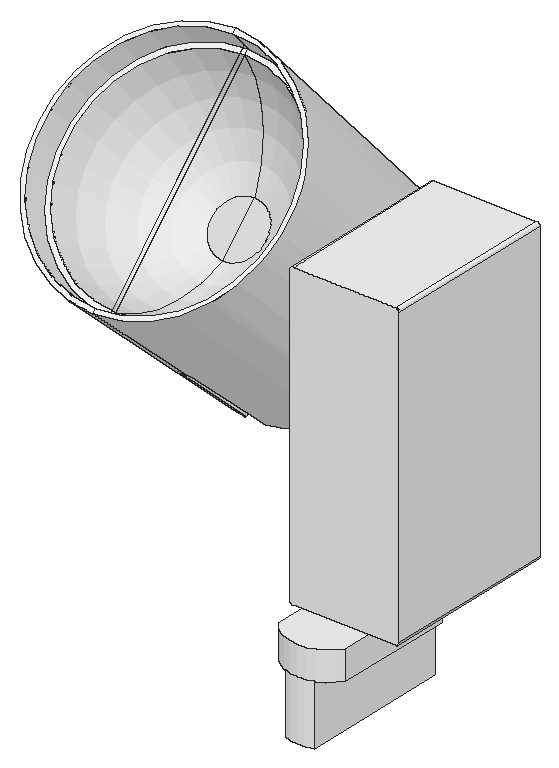
Revit family "0004928 Feilo Sylvania Lighting Fixture START TRACK SPOT L DALI 3260LM 930 WB WHT", category Lighting Fixtures, host Face, Revit 2017 (continued)
Definition of nested family "Start Track Spot Head"
  Types (96, lengths in mm): name | Wattage | built-in parameter 1150134 | Photometric Web File | Model | built-in parameter 1150105 | Lumens | built-in parameter 1150107 | built-in parameter 1150106 | HeadThickness_FEILO | HeadRibOffset_FEILO | HeadRibDepth_FEILO | HeadRibCutWidth_FEILO | HeadRibCutOffset_FEILO | HeadReflectorRadius_FEILO | HeadReflectorOffset_FEILO | HeadLEDRadius_FEILO | HeadHeight_FEILO | HeadDiffusorOffset_FEILO | HeadDiaOut_FEILO | HeadDiaIn_FEILO | HeadAxisFromTop_FEILO | Emit from Circle Diameter | built-in parameter 1150104 | Description | Apparent Load
    0004812 START TRACK SPOT S 14W 3K RA80 MB WHITE | 14 W | (empty or 0) | "0004812.ies" | "START TRACK SPOT S 14W 3K RA80 MB WHITE" | 120.32 (stored number, unit not read) | 1512 lm | 3000 (stored number, unit not read) | 1.2032 (stored number, unit not read) | 1.5 | 4.179 | 55.714 | 7.167 | 50.87 | 50.588 | 55.714 | 9.556 | 117 | 9.435 | 86 | 77.477 | 69.354 | 77.477 | 10.034 (stored number, unit not read) | "Integrated LED spotlight, Textured White - RAL9016, compact and minimalist design, ideal for retail applications, die-cast aluminium body, passive cooling heatsink. Beam angle: 36°, color temperature: 3000K , total system power: 14W, total fixture output: 1508 lm, LOR: 100%, colour rendering: Ra: 80 typical, LED Chromaticity: 3 step MacAdam ellipse, lifetime: >50000 hours at L70B50, energy class: A++, A+, A, IR/UV free light source without heat radiation, operating voltage: 220-240V / 50-60Hz, drive current: 350mA, electronic driver, non-dimmable, power factor: 0.92, electrical protection: Class II, Global Track 3 Phase adapter suitable for Global trac 3-circuit tracks, ingress protection rating: IP20, suitable for internal environment only, horizontal rotation: 355°, vertical tilt: 90°, dimensions: Ø86x140x200, weight: 0.940kg." | 14 VA
    0004811 START TRACK SPOT S 14W 3K RA80 NB WHITE | 14 W | (empty or 0) | "0004811.ies" | "START TRACK SPOT S 14W 3K RA80 NB WHITE" | 123.66 (stored number, unit not read) | 1554 lm | 3000 (stored number, unit not read) | 1.2366 (stored number, unit not read) | 1.5 | 4.179 | 55.714 | 7.167 | 50.87 | 50.588 | 55.714 | 9.556 | 117 | 9.435 | 86 | 77.477 | 69.354 | 77.477 | 10.312 (stored number, unit not read) | "Integrated LED spotlight, Textured White - RAL9016, compact and minimalist design, ideal for retail applications, die-cast aluminium body, passive cooling heatsink. Beam angle: 12°, color temperature: 3000K , total system power: 14W, total fixture output: 1551 lm, LOR: 100%, colour rendering: Ra: 80 typical, LED Chromaticity: 3 step MacAdam ellipse, lifetime: >50000 hours at L70B50, energy class: A++, A+, A, IR/UV free light source without heat radiation, operating voltage: 220-240V / 50-60Hz, drive current: 350mA, electronic driver, non-dimmable, power factor: 0.92, electrical protection: Class II, Global Track 3 Phase adapter suitable for Global trac 3-circuit tracks, ingress protection rating: IP20, suitable for internal environment only, horizontal rotation: 355°, vertical tilt: 90°, dimensions: Ø86x140x200, weight: 0.940kg." | 14 VA
  Reference planes
    plane 1 "Center (Front/Back)": y = 0
    plane 2: z = 0
    plane 3 "Center (Left/Right)": x = 0
    plane 4: x = 43
    plane 5: x = -43
    plane 6: x = -38.739
    plane 7: x = 38.739
    plane 8: z = 69.354
    plane 9: z = -47.646
    plane 10: x = -41.5
    plane 11: x = -37.239
    plane 12: z = -38.211
    plane 13: z = -35.211
    plane 14: z = 8.068
    plane 15: x = -9.556
    plane 16: x = -28.667
    plane 17: x = -19.111
    plane 18: x = -27.167
    plane 19: x = -17.611
    plane 20: x = -8.056
    plane 21: z = 13.64
    plane 22: x = -29.667
    plane 23: x = -26.167
    plane 24: x = -20.111
    plane 25: x = -16.611
    plane 26: x = -10.556
    plane 27: x = -7.056
    plane 28: x = -36.239
    plane 29: x = -40.5
    plane 30: z = 65.175
    plane 31: z = 60.997
    plane 32: z = 56.818
    plane 33: z = 18.484
    plane 34: y = -43
    plane 35: y = 43
    plane 36: y = 3.583
    plane 37: y = -3.583
    plane 38: y = -2.583
    plane 39: y = 2.583
    plane 40: y = 46
    plane 41: z = 13.5
    plane 42: z = -13.5
    plane 43: y = 39
    plane 44: x = 4.708
    plane 45: x = -2.458
    plane 46: x = -1.458
    plane 47: x = 1.458
  Forms (mm)
    Extrusion 1, solid
      sketch origin (4.2, 0, 0) x (1, 0, 0) y (0, 1, 0)
        loop
          line (-1219.2, 1219.2) -> (-1219.2, -1219.2) -> (1219.2, -1219.2) -> (1219.2, 1219.2) -> (-1219.2, 1219.2)
      from 0 to -68.017
    Revolve 2, solid, material <- "Material_1_FEILO", detail levels medium+fine
      sketch origin (0, 0, 0) x (1, 0, 0) y (0, 0, 1)
        loop
          line (-43, -47.646) -> (-41.5, -47.646) -> (-40.5, -35.211) -> (-38.739, -35.211)
          arc (-38.739, -35.211) -> (-30.16, -9.517) -> (-9.556, 8.068) r 50.588
          line (-9.556, 8.068) -> (0, 8.068) -> (0, 13.64) -> (-16.611, 13.64) -> (-17.611, 60.997) -> (-19.111, 60.997) -> (-20.111, 13.64) -> (-36.239, 13.64) -> (-37.239, 69.354) -> (-38.739, 69.354) -> (-43, -47.646)
        axis (0, 69.354) -> (0, -47.646)
      angle from 360 to 0
    Extrusion 3, void
      sketch origin (0, 0, 0) x (0, 1, 0) y (0, 0, 1)
        loop
          line (-3.583, 69.354) -> (-2.583, 18.484) -> (1.932, 18.484) -> (2.932, 69.354) -> (-3.583, 69.354)
      from 43 to -43
    Revolve 4, solid, material <- "Material_2_FEILO", detail levels medium+fine
      sketch origin (0, 0, 0) x (1, 0, 0) y (0, 0, 1)
        loop
          line (-41.5, -38.211) -> (0, -38.211) -> (0, -35.211) -> (-41.5, -35.211) -> (-41.5, -38.211)
        axis (0, -35.211) -> (0, -38.211)
      angle from 360 to 0
    Revolve 5, solid, material <- "Material_1_FEILO"
      sketch origin (0, 0, 0) x (0, 1, 0) y (0, 0, 1)
        loop
          line (46, 0) -> (39, 0) -> (39, -13.5) -> (46, -13.5) -> (46, 0)
        axis (39, 0) -> (46, 0)
      angle from 360 to 0
    Revolve 6, solid, material <- "Material_1_FEILO", detail levels medium+fine
      sketch origin (0, 0, 0) x (1, 0, 0) y (0, 0, 1)
        loop
          line (-29.667, 13.64) -> (-26.167, 13.64) -> (-27.167, 65.175) -> (-28.667, 65.175) -> (-29.667, 13.64)
        loop
          line (-10.556, 13.64) -> (-7.056, 13.64) -> (-7.833, 56.818) -> (-9.778, 56.818) -> (-10.556, 13.64)
        axis (0, 65.175) -> (0, 13.64)
      angle from 360 to 0
    Extrusion 7, void
      sketch origin (0, 0, 0) x (1, 0, 0) y (0, 0, 1)
        loop
          line (4.708, 69.354) -> (-2.458, 69.354) -> (-1.458, 13.64) -> (1.458, 13.64) -> (4.708, 69.354)
      from -43 to 43
    Revolve 8, solid, material <- "Material_1_FEILO", detail levels coarse
      sketch origin (0, 0, 0) x (1, 0, 0) y (0, 0, 1)
        loop
          line (0, 69.354) -> (-38.739, 69.354) -> (-43, -47.646) -> (-41.5, -47.646) -> (-40.731, -38.211) -> (0, -38.211) -> (0, 69.354)
        axis (0, 69.354) -> (0, -47.646)
      angle from 360 to 0
  Cuts and joins
    Extrusion 3 cuts Revolve 2
    Extrusion 7 cuts Revolve 6
  Dimensions and locks
    equal spacing: plane 7, plane 3 "Center (Left/Right)", plane 6
    equal spacing: plane 4, plane 3 "Center (Left/Right)", plane 5
    "HeadDiaOut_FEILO": plane 4 to plane 5
    "HeadDiaIn_FEILO": plane 7 to plane 6
    "HeadHeight_FEILO": plane 8 to plane 9
    "HeadThickness_FEILO": plane 10 to plane 5
    "HeadThickness_FEILO": plane 11 to plane 6
    "HeadDiffusorOffset_FEILO": plane 12 to plane 9
    "HeadDiffusorThickness_FEILO": plane 13 to plane 12
    "HeadReflectorOffset_FEILO": plane 14 to plane 9
    "HeadLEDRadius_FEILO": plane 3 "Center (Left/Right)" to plane 15
    "HeadLEDRadius_FEILO": plane 15 to plane 17
    "HeadLEDRadius_FEILO": plane 17 to plane 16
    "HeadThickness_FEILO": plane 18 to plane 16
    "HeadThickness_FEILO": plane 19 to plane 17
    "HeadThickness_FEILO": plane 20 to plane 15
    "HeadRibDepth_FEILO": plane 8 to plane 21
    "HeadDraft_FEILO": plane 16 to plane 22
    "HeadDraft_FEILO": plane 23 to plane 18
    "HeadDraft_FEILO": plane 17 to plane 24
    "HeadDraft_FEILO": plane 25 to plane 19
    "HeadDraft_FEILO": plane 15 to plane 26
    "HeadDraft_FEILO": plane 27 to plane 20
    "HeadDraft_FEILO": plane 29 to plane 10
    "HeadDraft_FEILO": plane 28 to plane 11
    "HeadRibOffset_FEILO": plane 8 to plane 30
    "HeadRibOffset_FEILO": plane 30 to plane 31
    "HeadRibOffset_FEILO": plane 31 to plane 32
    "HeadAxisFromTop_FEILO": plane 8 to plane 2
    "HeadRibCutOffset_FEILO": plane 8 to plane 33
    equal spacing: plane 34, plane 1 "Center (Front/Back)", plane 35
    "HeadDiaOut_FEILO": plane 34 to plane 35
    equal spacing: plane 38, plane 1 "Center (Front/Back)", plane 39
    equal spacing: plane 37, plane 1 "Center (Front/Back)", plane 36
    "HeadRibCutWidth_FEILO": plane 37 to plane 36
    "HeadDraft_FEILO": plane 37 to plane 38
    locked: plane 35 to plane 40 at 3
    equal spacing: plane 41, plane 2, plane 42
    locked: plane 42 to plane 41 at 27
    locked: plane 43 to plane 35 at 4
    equal spacing: plane 45, imposter light, plane 44
    "HeadDraft_FEILO": plane 46 to plane 45
    "HeadRibCutWidth_FEILO": plane 44 to plane 45
    equal spacing: plane 47, plane 3 "Center (Left/Right)", plane 46
    "HeadReflectorRadius_FEILO": radius of Revolve 2 sketch curve
    aligned and locked: plane 2 to Extrusion 1
    aligned and locked: level to Extrusion 1
    aligned and locked: Revolve 2 sketch curve to plane 3 "Center (Left/Right)"  (x2)
    aligned and locked: plane 9 to Revolve 2 sketch curve  (x2)
    aligned and locked: plane 5 to Revolve 2 sketch curve
    aligned and locked: plane 10 to Revolve 2 sketch curve
    aligned and locked: plane 14 to Revolve 2 sketch curve
    aligned and locked: plane 8 to Revolve 2 sketch curve
    aligned and locked: Revolve 2 sketch curve to plane 13
    aligned and locked: plane 12 to Revolve 4 sketch curve
    aligned and locked: plane 3 "Center (Left/Right)" to Revolve 4 sketch curve
    aligned and locked: Revolve 4 sketch curve to plane 10
    aligned and locked: Revolve 4 sketch curve to plane 3 "Center (Left/Right)"
    aligned and locked: plane 12 to imposter light
    aligned and locked: imposter light to plane 1 "Center (Front/Back)"
    aligned and locked: Revolve 5 sketch curve to plane 2
    aligned and locked: plane 43 to Revolve 5 sketch curve
    aligned and locked: plane 42 to Revolve 5 sketch curve
    aligned and locked: Revolve 6 sketch curve to plane 3 "Center (Left/Right)"
    aligned and locked: plane 22 to Revolve 6 sketch curve
    aligned and locked: plane 30 to Revolve 6 sketch curve
    aligned and locked: plane 23 to Revolve 6 sketch curve
    aligned and locked: Revolve 6 sketch curve to plane 21  (x2)
    aligned and locked: plane 21 to Revolve 6 sketch curve
    aligned and locked: plane 17 to Revolve 2 sketch curve
    aligned and locked: plane 19 to Revolve 2 sketch curve
    aligned and locked: plane 31 to Revolve 2 sketch curve
    aligned and locked: plane 21 to Revolve 2 sketch curve
    aligned and locked: Extrusion 3 to plane 8
    aligned and locked: plane 33 to Extrusion 3
    aligned and locked: plane 8 to Extrusion 3 sketch curve
    aligned and locked: Extrusion 3 sketch curve to plane 33
    aligned and locked: Extrusion 3 to plane 5
    aligned and locked: plane 4 to Extrusion 3
    aligned and locked: plane 32 to Revolve 6 sketch curve
    aligned and locked: plane 44 to Extrusion 7 sketch curve
    aligned and locked: Extrusion 7 sketch curve to plane 8
    aligned and locked: plane 46 to Extrusion 7 sketch curve
    aligned and locked: plane 21 to Extrusion 7 sketch curve
    aligned and locked: plane 34 to Extrusion 7
    aligned and locked: Extrusion 7 to plane 35
    aligned and locked: Revolve 4 sketch curve to plane 13
    aligned and locked: Revolve 5 sketch curve to plane 40
    aligned and locked: Revolve 8 sketch curve to plane 3 "Center (Left/Right)"
    aligned and locked: Revolve 8 sketch curve to cut or joined group of Revolve 2, Extrusion 3  (x3)
    aligned and locked: plane 5 to Revolve 8 sketch curve
    aligned and locked: plane 3 "Center (Left/Right)" to Revolve 8 sketch curve
    aligned and locked: plane 12 to Revolve 8 sketch curve
  Automatic sketch dimensions
    Extrusion 1 sketch curve to Extrusion 1 sketch curve = 2438.4 mm  (x2)
    Extrusion 3 sketch curve to plane 37 = 0 mm
    Extrusion 3 sketch curve to plane 38 = 0 mm
    plane 39 to Extrusion 3 sketch curve = 0.651 mm
    Extrusion 3 sketch curve to plane 39 = 0.349 mm
    Revolve 6 sketch curve to plane 16 = 0 mm
    Revolve 6 sketch curve to plane 18 = 0 mm
    Revolve 6 sketch curve to plane 26 = 0 mm
    Revolve 6 sketch curve to plane 27 = 0 mm
    Revolve 6 sketch curve to plane 15 = 0.222 mm
    plane 9 to Revolve 6 sketch curve = 559.103 mm
    Revolve 6 sketch curve to plane 8 = 2535.555 mm
    plane 20 to Revolve 6 sketch curve = 0.222 mm
    Revolve 2 sketch curve to plane 29 = 0 mm
    Revolve 2 sketch curve to plane 6 = 0 mm  (x2)
    Revolve 2 sketch curve to plane 11 = 0 mm
    Revolve 2 sketch curve to plane 21 = 0 mm
    Revolve 2 sketch curve to plane 28 = 0 mm
    Revolve 2 sketch curve to plane 24 = 0 mm
    Revolve 2 sketch curve to plane 25 = 0 mm
    Revolve 2 sketch curve to plane 15 = 0 mm
    Revolve 2 sketch curve to Revolve 2 sketch curve = 557.155 mm
    Revolve 2 sketch curve to plane 8 = 2535.558 mm
    Extrusion 7 sketch curve to plane 45 = 0 mm
    Extrusion 7 sketch curve to plane 47 = 0 mm
    plane 9 to Revolve 4 sketch curve = 559.103 mm
    Revolve 4 sketch curve to plane 8 = 2535.555 mm
    Revolve 5 sketch curve to level = 0 mm
    plane 34 to Revolve 5 sketch curve = 1968.092 mm
    Revolve 5 sketch curve to plane 40 = 1405.763 mm
    Revolve 8 sketch curve to plane 6 = 0 mm
    Revolve 8 sketch curve to plane 29 = 0.231 mm
    plane 9 to Revolve 8 sketch curve = 559.103 mm
    Revolve 8 sketch curve to Revolve 8 sketch curve = 2535.555 mm
Definition of nested family "Start Track Spot Box"
  Parameters (values of type "Type Large White")
    URL = "http://www.feilosylvania.com"
    Type Image = (empty or 0)
    Type Comments = "n/a"
    Small_FEILO = no
    Material_3_FEILO = none
    Model = ""
    Manufacturer = "Feilo Sylvania"
    Keynote = ""
    Material_2_FEILO = none
    Description = ""
    Default Elevation = 1219.2 mm
    Cost = 0
    Material_1_FEILO = none
    BoxWidth_FEILO = 49 mm
    BoxStartAngle_FEILO [instance] = 0.00°
    BoxRadius_FEILO = 1.5 mm
    BoxHeight_FEILO = if(Small_FEILO, 112 mm, 136 mm)  # 136 mm
    BoxEndAngle_FEILO [instance] = BoxStartAngle_FEILO - 180.00°  # -180.00°
    BoxDepth_FEILO = if(Small_FEILO, 71.5 mm, 79 mm)  # 79 mm
    BoxAxisVerticalOffset_FEILO = 16 mm
    BoxAxisOffset_FEILO = BoxHeight_FEILO / 6.8  # 20 mm
    Assembly Code = ""
    Material_4_FEILO = none
  Types (4, lengths in mm): name | Small_FEILO | BoxHeight_FEILO | BoxDepth_FEILO | BoxAxisOffset_FEILO
    Type Large White | no | 136 | 79 | 20
    Type Small White | yes | 112 | 71.5 | 16.471
    Type Small Black | yes | 112 | 71.5 | 16.471
    Type Large Black | no | 136 | 79 | 20
  Reference planes
    plane 1 "Center (Front/Back)": y = 0
    plane 2: z = 0
    plane 3 "Center (Left/Right)": x = 0
    plane 4: x = 24.5
    plane 5: x = -24.5
    plane 6: y = 68
    plane 7: y = -68
    plane 8: z = 39.5
    plane 9: z = -39.5
    plane 10: y = -48
    plane 11: x = 30.5
    plane 12: x = 8.5
    plane 13: x = 21.5
    plane 14: y = 70
    plane 15: y = 72
    plane 16: x = 19.5
  Forms (mm)
    Extrusion 1, solid
      sketch origin (4.2, 0, 0) x (1, 0, 0) y (0, 1, 0)
        loop
          line (-1219.2, 1219.2) -> (-1219.2, -1219.2) -> (1219.2, -1219.2) -> (1219.2, 1219.2) -> (-1219.2, 1219.2)
      from 0 to -68.017
    Extrusion 2, solid, material <- "Material_1_FEILO"
      sketch origin (0, 0, 0) x (1, 0, 0) y (0, 1, 0)
        loop
          arc (-23, 68) -> (-24.061, 67.561) -> (-24.5, 66.5) r 1.5
          line (-24.5, 66.5) -> (-24.5, -66.5)
          arc (-24.5, -66.5) -> (-24.061, -67.561) -> (-23, -68) r 1.5
          line (-23, -68) -> (23, -68)
          arc (23, -68) -> (24.061, -67.561) -> (24.5, -66.5) r 1.5
          line (24.5, -66.5) -> (24.5, 66.5)
          arc (24.5, 66.5) -> (24.061, 67.561) -> (23, 68) r 1.5
          line (23, 68) -> (-23, 68)
      from -39.5 to 39.5
    Revolve 3, solid, not visible
      sketch origin (0, 0, 0) x (1, 0, 0) y (0, 1, 0)
        loop
          line (30.5, -48) -> (24.5, -48) -> (24.5, -68) -> (30.5, -68) -> (30.5, -48)
        axis (30.5, -48) -> (24.5, -48)
      angle from 0 <- "BoxStartAngle_FEILO" to -180 <- "BoxEndAngle_FEILO"
    Revolve 4, solid, material <- "Material_2_FEILO"
      sketch origin (0, 0, 0) x (1, 0, 0) y (0, 1, 0)
        loop
          line (8.5, 68) -> (19.5, 68) -> (19.5, 70) -> (21.5, 70) -> (21.5, 72) -> (8.5, 72) -> (8.5, 68)
        axis (8.5, 72) -> (8.5, 68)
      angle from 360 to 0
  Dimensions and locks
    equal spacing: plane 5, plane 3 "Center (Left/Right)", plane 4
    "BoxWidth_FEILO": plane 5 to plane 4
    equal spacing: plane 7, plane 1 "Center (Front/Back)", plane 6
    "BoxHeight_FEILO": plane 7 to plane 6
    equal spacing: plane 8, plane 2, plane 9
    "BoxDepth_FEILO": plane 8 to plane 9
    "BoxAxisOffset_FEILO": plane 7 to plane 10
    locked: plane 4 to plane 11 at 6
    "BoxAxisVerticalOffset_FEILO": plane 12 to plane 4
    locked: plane 12 to plane 13 at 13
    plane 6 to plane 14 to plane 15 = 2 mm locked, 2 mm locked
    locked: plane 12 to plane 16 at 11
    "BoxRadius_FEILO": radius of Extrusion 2 sketch curve  (x4)
    aligned and locked: plane 2 to Extrusion 1
    aligned and locked: level to Extrusion 1
    aligned and locked: plane 6 to Extrusion 2 sketch curve
    aligned and locked: plane 5 to Extrusion 2 sketch curve
    aligned and locked: Extrusion 2 sketch curve to plane 7
    aligned and locked: Extrusion 2 sketch curve to plane 4
    aligned and locked: Extrusion 2 to plane 8
    aligned and locked: plane 9 to Extrusion 2
    aligned and locked: Revolve 3 sketch curve to plane 10  (x2)
    aligned and locked: plane 11 to Revolve 3 sketch curve
    aligned and locked: Revolve 3 sketch curve to plane 4
    aligned and locked: plane 7 to Revolve 3 sketch curve
    aligned and locked: Revolve 4 sketch curve to plane 12
    aligned and locked: plane 6 to Revolve 4 sketch curve
    aligned and locked: plane 12 to Revolve 4 sketch curve
    aligned and locked: plane 15 to Revolve 4 sketch curve
    aligned and locked: Revolve 4 sketch curve to plane 13
    aligned and locked: Revolve 4 sketch curve to plane 14
    aligned and locked: Revolve 4 sketch curve to plane 16
    aligned and locked: Revolve 4 sketch curve to plane 6
  Automatic sketch dimensions
    Extrusion 1 sketch curve to Extrusion 1 sketch curve = 2438.4 mm  (x2)
    Revolve 3 sketch curve to plane 5 = 1499.5 mm
    plane 11 to Revolve 3 sketch curve = 1493.5 mm
    plane 15 to Revolve 4 sketch curve = 0 mm
    plane 7 to Revolve 4 sketch curve = 1456 mm
    Revolve 4 sketch curve to plane 15 = 1452 mm
